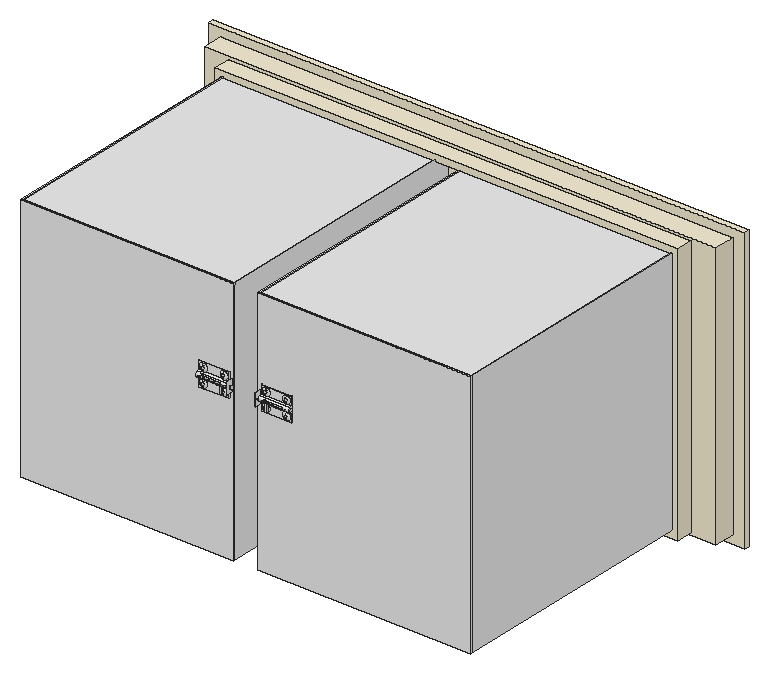
Revit family "4C-4_Door_High_Units_RL.rfa", category Specialty Equipment, host Wall, Revit 2016 (continued)
Definition of nested family "3700 Series 4C OM2 Configuration"
  Automatic sketch dimensions
    radius of Blend 8 sketch curve = 0.3125"
    radius of Blend 9 sketch curve = 0.15665"
    radius of Blend 9 sketch curve = 0.3125"
    radius of Blend 10 sketch curve = 0.15665"
    radius of Blend 10 sketch curve = 0.3125"
    radius of Blend 11 sketch curve = 0.15665"
    radius of Blend 11 sketch curve = 0.3125"
    radius of Extrusion 4 sketch curve = 0.42913"
    radius of Extrusion 3 sketch curve = 0.4375"
Definition of nested family "4C Latch Lock-Left"
  Parameters (values of type "Lock Latch")
    Width = 1.750"
    Type Comments = "Lock Latch for Aluminum Mailboxes"
    Visible Latch = yes
    Manufacturer = "Salsbury Industries"
    Height = 1.375"
    Depth = 0.244"
    Back Enclosure Material = none
  Reference planes (in)
    plane 1 "Center (Front/Back)": y = 0
    plane 2 "left": z = 0
    plane 3 "Center (Left/Right)": x = 0
    plane 4 "top": x = -0.875
    plane 5 "bottom": x = 0.875
    plane 6 "Front": y = 0.122
    plane 7 "Back": y = -0.122
    plane 8 "Vertical Center": z = 0.6875
    plane 9 "right": z = 1.375
    plane 10: x = 1
    plane 11: x = 1.125
  Forms (in)
    Extrusion 1, solid, material <- "Back Enclosure Material", visible <- "Visible Latch"
      sketch origin (-0.67187, 0, 0.67188) x (0, 0, -1) y (0, 1, 0)
        loop
          line (-0.22131, -0.0902) -> (-0.70312, -0.0902) -> (-0.70312, -0.12209) -> (-0.22129, -0.12209)
          arc (-0.22129, -0.12209) -> (-0.1389, -0.08579) -> (-0.11009, -0.00048) r 0.11165
          arc (-0.11009, -0.00048) -> (-0.01599, 0.09362) -> (0.07812, -0.00048) r 0.09411
          arc (0.07812, -0.00048) -> (0.10866, -0.08591) -> (0.19189, -0.122) r 0.11401
          line (0.19189, -0.122) -> (0.67187, -0.122) -> (0.67187, -0.08954) -> (0.19205, -0.08954)
          arc (0.19205, -0.08954) -> (0.13091, -0.06294) -> (0.10869, -0.00006) r 0.08357
          arc (0.10869, -0.00006) -> (-0.01625, 0.12487) -> (-0.14118, -0.00006) r 0.12494
          arc (-0.14118, -0.00006) -> (-0.16101, -0.06312) -> (-0.22131, -0.0902) r 0.08069
      from -0.20313 to 1.54687
    Extrusion 2, void
      sketch origin (-0.86719, 0.122, 0.78906) x (0, 0, -1) y (1, 0, 0)
        loop
          line (0.02064, 1.43976) -> (0.02064, 0.31562) -> (0.29045, 0.31562) -> (0.29045, 0.47278) -> (0.12796, 0.47278) -> (0.12796, 1.28526) -> (0.27447, 1.28526) -> (0.27447, 1.43976) -> (0.02064, 1.43976)
      from -0.01091 to 0.1442
    Blend 3, solid, material <- "Back Enclosure Material", visible <- "Visible Latch"
      base sketch origin (-0.95312, 0.122, 0.96875) x (0, 0, -1) y (1, 0, 0)
        loop
          circle (-0.1252, 1.55349) r 0.1
      top sketch origin (-0.95312, 0.122, 0.96875) x (0, 0, -1) y (1, 0, 0)
        loop
          circle (-0.1252, 1.55349) r 0.215
      from 0.16742 to 0.21154
    Blend 4, solid, material <- "Back Enclosure Material", visible <- "Visible Latch"
      base sketch origin (-0.95312, 0.122, -0.54015) x (0, 0, -1) y (1, 0, 0)
        loop
          circle (-0.8037, 1.55349) r 0.1
      top sketch origin (-0.95312, 0.122, -0.54015) x (0, 0, -1) y (1, 0, 0)
        loop
          circle (-0.8037, 1.55349) r 0.215
      from 0.16742 to 0.21154
    Blend 5, solid, material <- "Back Enclosure Material", visible <- "Visible Latch"
      base sketch origin (-1.95312, 0.122, 0.96875) x (0, 0, -1) y (1, 0, 0)
        loop
          circle (-0.1252, 1.36599) r 0.1
      top sketch origin (-1.95312, 0.122, 0.96875) x (0, 0, -1) y (1, 0, 0)
        loop
          circle (-0.1252, 1.36599) r 0.215
      from 0.16742 to 0.21154
    Blend 6, solid, material <- "Back Enclosure Material", visible <- "Visible Latch"
      base sketch origin (-1.95312, 0.122, -0.55578) x (0, 0, -1) y (1, 0, 0)
        loop
          circle (-0.8037, 1.36599) r 0.1
      top sketch origin (-1.95312, 0.122, -0.55578) x (0, 0, -1) y (1, 0, 0)
        loop
          circle (-0.8037, 1.36599) r 0.215
      from 0.16742 to 0.21154
    Extrusion 7, solid, material <- "Back Enclosure Material", visible <- "Visible Latch"
      sketch origin (-1.22585, -7.77812, 0.87452) x (0, 0, -1) y (0, 1, 0)
        loop
          circle (0.18702, 7.77784) r 0.09014
      from 0.35085 to 2.35085
    Extrusion 8, solid, material <- "Back Enclosure Material", visible <- "Visible Latch"
      sketch origin (0.37291, -7.78798, 0.67188) x (1, 0, 0) y (0, 1, 0)
        loop
          circle (0.12087, 7.81979) r 0.05
      from 0.01562 to -0.5
    Extrusion 9, solid, material <- "Back Enclosure Material", visible <- "Visible Latch"
      sketch origin (0.87525, -0.02845, 1.02999) x (0, 0, -1) y (1, 0, 0)
        loop
          line (0.68574, 0.09375) -> (0.68574, 0.12475) -> (-0.00176, 0.12475) -> (-0.00176, 0.09375) -> (0.68574, 0.09375)
      from -0.25 to 0.09355
    Extrusion 10, void
      sketch origin (1, -7.77845, 0.87437) x (0, 0, -1) y (0, -1, 0)
        loop
          circle (0.18637, -7.77776) r 0.09325
      from 0 to 0.031
  Cuts and joins
    Extrusion 2 cuts Extrusion 1
    Extrusion 10 cuts Extrusion 9
  Dimensions and locks (in)
    equal spacing: plane 7 "Back", plane 1 "Center (Front/Back)", plane 6 "Front"
    "Depth": plane 7 "Back" to plane 6 "Front"
    equal spacing: plane 4 "top", plane 3 "Center (Left/Right)", plane 5 "bottom"
    "Width": plane 4 "top" to plane 5 "bottom"
    equal spacing: plane 9 "right", plane 8 "Vertical Center", plane 2 "left"
    "Height": plane 9 "right" to plane 2 "left"
    plane 4 "top" to plane 10 = 1.875"
    plane 5 "bottom" to plane 11 = 0.250"
    plane 11 to plane 10 = 0.125"
    aligned and locked: level to plane 2 "left"
  Automatic sketch dimensions
    Extrusion 1 sketch curve to plane 7 "Back" = 0.000"
    Extrusion 1 sketch curve to plane 7 "Back" = 0.0318"
    plane 9 "right" to Extrusion 1 sketch curve = 0.000"
    Extrusion 1 sketch curve to plane 8 "Vertical Center" = 0.20569"
    plane 7 "Back" to Extrusion 1 sketch curve = 0.00009"
    Extrusion 1 sketch curve to plane 8 "Vertical Center" = 0.20567"
    plane 1 "Center (Front/Back)" to Extrusion 1 sketch curve = 0.00006"
    Extrusion 1 sketch curve to plane 8 "Vertical Center" = 0.00062"
    Extrusion 1 sketch curve to Extrusion 1 sketch curve = 0.00026"
    Extrusion 1 sketch curve to Extrusion 1 sketch curve = 0.20788"
    Extrusion 1 sketch curve to Extrusion 1 sketch curve = 0.00016"
    Extrusion 1 sketch curve to level = 0.000"
    Extrusion 1 sketch curve to plane 7 "Back" = 0.03246"
    plane 1 "Center (Front/Back)" to Extrusion 1 sketch curve = 0.01045"
    Extrusion 1 sketch curve to Extrusion 1 sketch curve = 0.00094"
    Extrusion 1 sketch curve to Extrusion 1 sketch curve = 0.00201"
    Extrusion 2 sketch curve to plane 8 "Vertical Center" = 0.08092"
    plane 5 "bottom" to Extrusion 2 sketch curve = 0.45693"
    plane 8 "Vertical Center" to Extrusion 2 sketch curve = 0.0264"
    Extrusion 2 sketch curve to Extrusion 2 sketch curve = 0.16249"
    Extrusion 2 sketch curve to Extrusion 2 sketch curve = 0.14651"
    Extrusion 2 sketch curve to plane 3 "Center (Left/Right)" = 0.3944"
    Extrusion 2 sketch curve to plane 4 "top" = 0.32343"
    plane 5 "bottom" to Extrusion 2 sketch curve = 0.30243"
    plane 5 "bottom" to Blend 3 sketch curve = 0.27463"  (x2)
    Blend 3 sketch curve to plane 8 "Vertical Center" = 0.40645"  (x2)
    plane 5 "bottom" to Blend 4 sketch curve = 0.27463"  (x2)
    level to Blend 4 sketch curve = 0.26355"  (x2)
    Blend 5 sketch curve to plane 8 "Vertical Center" = 0.40645"  (x2)
    Blend 5 sketch curve to plane 3 "Center (Left/Right)" = 0.58713"  (x2)
    level to Blend 6 sketch curve = 0.24792"  (x2)
    Blend 6 sketch curve to plane 3 "Center (Left/Right)" = 0.58713"  (x2)
    plane 1 "Center (Front/Back)" to Extrusion 7 sketch curve = 0.00028"
    plane 8 "Vertical Center" to Extrusion 7 sketch curve = 0.000"
    Extrusion 8 sketch curve to plane 1 "Center (Front/Back)" = 0.03181"
    Extrusion 8 sketch curve to plane 4 "top" = 1.36878"
    Extrusion 9 sketch curve to plane 8 "Vertical Center" = 0.34425"
    level to Extrusion 9 sketch curve = 0.34425"
    Extrusion 9 sketch curve to plane 4 "top" = 1.844"
    Extrusion 9 sketch curve to Extrusion 9 sketch curve = 0.031"
    plane 1 "Center (Front/Back)" to Extrusion 10 sketch curve = 0.0007"
    Extrusion 10 sketch curve to plane 8 "Vertical Center" = 0.0005"
    radius of Blend 3 sketch curve = 0.100"
    radius of Blend 3 sketch curve = 0.215"
    radius of Blend 4 sketch curve = 0.100"
    radius of Blend 4 sketch curve = 0.215"
    radius of Blend 5 sketch curve = 0.100"
    radius of Blend 5 sketch curve = 0.215"
    radius of Blend 6 sketch curve = 0.100"
    radius of Blend 6 sketch curve = 0.215"
    radius of Extrusion 7 sketch curve = 0.09014"
    radius of Extrusion 8 sketch curve = 0.050"
    radius of Extrusion 10 sketch curve = 0.09325"
Definition of nested family "4C Latch Lock-Right"
  Parameters (values of type "Lock Latch")
    Width = 1.750"
    Type Comments = "Lock Latch for Aluminum Mailboxes"
    Visible Latch = yes
    Manufacturer = "Salsbury Industries"
    Height = 1.375"
    Depth = 0.244"
    Back Enclosure Material = none
  Reference planes (in)
    plane 1 "Center (Front/Back)": y = 0
    plane 2 "left": z = 0
    plane 3 "Center (Left/Right)": x = 0
    plane 4 "top": x = -0.875
    plane 5 "bottom": x = 0.875
    plane 6 "Front": y = 0.122
    plane 7 "Back": y = -0.122
    plane 8 "Vertical Center": z = 0.6875
    plane 9 "right": z = 1.375
    plane 10: x = -1
    plane 11: x = -1.125
  Forms (in)
    Extrusion 1, solid, material <- "Back Enclosure Material", visible <- "Visible Latch"
      sketch origin (-0.67187, 0, 0.67188) x (0, 0, -1) y (0, 1, 0)
        loop
          line (-0.22131, -0.0902) -> (-0.70312, -0.0902) -> (-0.70312, -0.12209) -> (-0.22129, -0.12209)
          arc (-0.22129, -0.12209) -> (-0.1389, -0.08579) -> (-0.11009, -0.00048) r 0.11165
          arc (-0.11009, -0.00048) -> (-0.01599, 0.09362) -> (0.07812, -0.00048) r 0.09411
          arc (0.07812, -0.00048) -> (0.10866, -0.08591) -> (0.19189, -0.122) r 0.11401
          line (0.19189, -0.122) -> (0.67187, -0.122) -> (0.67187, -0.08954) -> (0.19205, -0.08954)
          arc (0.19205, -0.08954) -> (0.13091, -0.06294) -> (0.10869, -0.00006) r 0.08357
          arc (0.10869, -0.00006) -> (-0.01625, 0.12487) -> (-0.14118, -0.00006) r 0.12494
          arc (-0.14118, -0.00006) -> (-0.16101, -0.06312) -> (-0.22131, -0.0902) r 0.08069
      from -0.20313 to 1.54687
    Extrusion 2, void
      sketch origin (-0.86719, 0.122, 0.78906) x (0, 0, -1) y (1, 0, 0)
        loop
          line (0.02064, 1.43976) -> (0.02064, 0.31562) -> (0.29045, 0.31562) -> (0.29045, 0.47278) -> (0.12796, 0.47278) -> (0.12796, 1.28526) -> (0.27447, 1.28526) -> (0.27447, 1.43976) -> (0.02064, 1.43976)
      from -0.01091 to 0.1442
    Blend 3, solid, material <- "Back Enclosure Material", visible <- "Visible Latch"
      base sketch origin (-0.95312, 0.122, 0.96875) x (0, 0, -1) y (1, 0, 0)
        loop
          circle (-0.1252, 1.55349) r 0.1
      top sketch origin (-0.95312, 0.122, 0.96875) x (0, 0, -1) y (1, 0, 0)
        loop
          circle (-0.1252, 1.55349) r 0.215
      from 0.16742 to 0.21154
    Blend 4, solid, material <- "Back Enclosure Material", visible <- "Visible Latch"
      base sketch origin (-0.95312, 0.122, -0.54015) x (0, 0, -1) y (1, 0, 0)
        loop
          circle (-0.8037, 1.55349) r 0.1
      top sketch origin (-0.95312, 0.122, -0.54015) x (0, 0, -1) y (1, 0, 0)
        loop
          circle (-0.8037, 1.55349) r 0.215
      from 0.16742 to 0.21154
    Blend 5, solid, material <- "Back Enclosure Material", visible <- "Visible Latch"
      base sketch origin (-1.95312, 0.122, 0.96875) x (0, 0, -1) y (1, 0, 0)
        loop
          circle (-0.1252, 1.36599) r 0.1
      top sketch origin (-1.95312, 0.122, 0.96875) x (0, 0, -1) y (1, 0, 0)
        loop
          circle (-0.1252, 1.36599) r 0.215
      from 0.16742 to 0.21154
    Blend 6, solid, material <- "Back Enclosure Material", visible <- "Visible Latch"
      base sketch origin (-1.95312, 0.122, -0.55578) x (0, 0, -1) y (1, 0, 0)
        loop
          circle (-0.8037, 1.36599) r 0.1
      top sketch origin (-1.95312, 0.122, -0.55578) x (0, 0, -1) y (1, 0, 0)
        loop
          circle (-0.8037, 1.36599) r 0.215
      from 0.16742 to 0.21154
    Extrusion 7, solid, material <- "Back Enclosure Material", visible <- "Visible Latch"
      sketch origin (-1.22585, -7.77812, 0.87452) x (0, 0, -1) y (0, 1, 0)
        loop
          circle (0.18702, 7.77784) r 0.09014
      from 0.10085 to 2.10085
    Extrusion 8, solid, material <- "Back Enclosure Material", visible <- "Visible Latch"
      sketch origin (-0.59584, -7.78798, 0.67188) x (1, 0, 0) y (0, 1, 0)
        loop
          circle (0.12087, 7.81979) r 0.05
      from 0.01562 to -0.5
    Extrusion 9, solid, material <- "Back Enclosure Material", visible <- "Visible Latch"
      sketch origin (-1.09375, -0.02845, 1.02999) x (0, 0, -1) y (1, 0, 0)
        loop
          line (0.68574, 0.09375) -> (0.68574, 0.12475) -> (-0.00176, 0.12475) -> (-0.00176, 0.09375) -> (0.68574, 0.09375)
      from -0.25 to 0.09355
    Extrusion 10, void
      sketch origin (-0.969, -7.77845, 0.87437) x (0, 0, -1) y (0, -1, 0)
        loop
          circle (0.18637, -7.77776) r 0.09325
      from 0 to 0.031
  Cuts and joins
    Extrusion 2 cuts Extrusion 1
    Extrusion 10 cuts Extrusion 9
  Dimensions and locks (in)
    equal spacing: plane 7 "Back", plane 1 "Center (Front/Back)", plane 6 "Front"
    "Depth": plane 7 "Back" to plane 6 "Front"
    equal spacing: plane 4 "top", plane 3 "Center (Left/Right)", plane 5 "bottom"
    "Width": plane 4 "top" to plane 5 "bottom"
    equal spacing: plane 9 "right", plane 8 "Vertical Center", plane 2 "left"
    "Height": plane 9 "right" to plane 2 "left"
    plane 10 to plane 4 "top" = 0.125"
    plane 11 to plane 4 "top" = 0.250"
    plane 10 to plane 11 = 0.125"
    aligned and locked: level to plane 2 "left"
  Automatic sketch dimensions
    Extrusion 1 sketch curve to plane 7 "Back" = 0.000"
    Extrusion 1 sketch curve to plane 7 "Back" = 0.0318"
    plane 9 "right" to Extrusion 1 sketch curve = 0.000"
    Extrusion 1 sketch curve to plane 8 "Vertical Center" = 0.20569"
    plane 7 "Back" to Extrusion 1 sketch curve = 0.00009"
    Extrusion 1 sketch curve to plane 8 "Vertical Center" = 0.20567"
    plane 1 "Center (Front/Back)" to Extrusion 1 sketch curve = 0.00006"
    Extrusion 1 sketch curve to plane 8 "Vertical Center" = 0.00062"
    Extrusion 1 sketch curve to Extrusion 1 sketch curve = 0.00026"
    Extrusion 1 sketch curve to Extrusion 1 sketch curve = 0.20788"
    Extrusion 1 sketch curve to Extrusion 1 sketch curve = 0.00016"
    Extrusion 1 sketch curve to level = 0.000"
    Extrusion 1 sketch curve to plane 7 "Back" = 0.03246"
    plane 1 "Center (Front/Back)" to Extrusion 1 sketch curve = 0.01045"
    Extrusion 1 sketch curve to Extrusion 1 sketch curve = 0.00094"
    Extrusion 1 sketch curve to Extrusion 1 sketch curve = 0.00201"
    Extrusion 2 sketch curve to plane 8 "Vertical Center" = 0.08092"
    plane 5 "bottom" to Extrusion 2 sketch curve = 0.45693"
    plane 8 "Vertical Center" to Extrusion 2 sketch curve = 0.0264"
    Extrusion 2 sketch curve to Extrusion 2 sketch curve = 0.16249"
    Extrusion 2 sketch curve to Extrusion 2 sketch curve = 0.14651"
    Extrusion 2 sketch curve to plane 3 "Center (Left/Right)" = 0.3944"
    Extrusion 2 sketch curve to plane 4 "top" = 0.32343"
    plane 5 "bottom" to Extrusion 2 sketch curve = 0.30243"
    plane 5 "bottom" to Blend 3 sketch curve = 0.27463"  (x2)
    Blend 3 sketch curve to plane 8 "Vertical Center" = 0.40645"  (x2)
    plane 5 "bottom" to Blend 4 sketch curve = 0.27463"  (x2)
    level to Blend 4 sketch curve = 0.26355"  (x2)
    Blend 5 sketch curve to plane 8 "Vertical Center" = 0.40645"  (x2)
    Blend 5 sketch curve to plane 3 "Center (Left/Right)" = 0.58713"  (x2)
    level to Blend 6 sketch curve = 0.24792"  (x2)
    Blend 6 sketch curve to plane 3 "Center (Left/Right)" = 0.58713"  (x2)
    plane 1 "Center (Front/Back)" to Extrusion 7 sketch curve = 0.00028"
    plane 8 "Vertical Center" to Extrusion 7 sketch curve = 0.000"
    Extrusion 8 sketch curve to plane 1 "Center (Front/Back)" = 0.03181"
    Extrusion 8 sketch curve to plane 4 "top" = 0.40003"
    Extrusion 9 sketch curve to plane 8 "Vertical Center" = 0.34425"
    level to Extrusion 9 sketch curve = 0.34425"
    plane 4 "top" to Extrusion 9 sketch curve = 0.125"
    Extrusion 9 sketch curve to Extrusion 9 sketch curve = 0.031"
    plane 1 "Center (Front/Back)" to Extrusion 10 sketch curve = 0.0007"
    Extrusion 10 sketch curve to plane 8 "Vertical Center" = 0.0005"
    radius of Blend 3 sketch curve = 0.100"
    radius of Blend 3 sketch curve = 0.215"
    radius of Blend 4 sketch curve = 0.100"
    radius of Blend 4 sketch curve = 0.215"
    radius of Blend 5 sketch curve = 0.100"
    radius of Blend 5 sketch curve = 0.215"
    radius of Blend 6 sketch curve = 0.100"
    radius of Blend 6 sketch curve = 0.215"
    radius of Extrusion 7 sketch curve = 0.09014"
    radius of Extrusion 8 sketch curve = 0.050"
    radius of Extrusion 10 sketch curve = 0.09325"
Types (5): name | Width | Vertical Center Divider | Right Inside Wall | Model | Left Inside Wall | Latch Lock - Left Side | Latch Alignment | Door Slot R4 Number | Door Slot R4 | Door Slot R3 | Door Slot R2 | Door Slot R1 Number | Door Slot R1 | Door Slot L4 Number | Door Slot L4 | Door Slot L3 Number | Door Slot L3 | Door Slot L2 Number | Door Slot L2 | Door Slot L1 Number | Door Slot L1 | Description | Center Extrusion Offset
  3704D-06 RL | 31.09766" | yes | yes | "3704D-06 RL" | yes | yes | 14.85742" | "6" | 3700 Series 4C Door Configurations : MB1 Door w/ Divider | 3700 Series 4C OM2 Configuration : OM2-RL | 3700 Series 4C Door Configurations : Empty | "5" | 3700 Series 4C Door Configurations : MB1 Door | "4" | 3700 Series 4C Door Configurations : MB1 Door w/ Divider | "3" | 3700 Series 4C Door Configurations : MB1 Door w/ Divider | "2" | 3700 Series 4C Door Configurations : MB1 Door w/ Divider | "1" | 3700 Series 4C Door Configurations : MB1 Door | "4 Door High Unit: 6 MB1, OM2" | 0.000"
  3704D-2P RL | 31.09766" | yes | yes | "3704D-2P RL" | yes | yes | 14.85742" | "2P" | 3700 Series 4C Parcel Configurations : PL4 | 3700 Series 4C Door Configurations : Empty | 3700 Series 4C Door Configurations : Empty | "0" | 3700 Series 4C Door Configurations : Empty | "1P" | 3700 Series 4C Parcel Configurations : PL4 | "0" | 3700 Series 4C Door Configurations : Empty | "0" | 3700 Series 4C Door Configurations : Empty | "0" | 3700 Series 4C Door Configurations : Empty | "4 Door High Unit: 2 PL4" | 0.000"
  3704S-01 RL | 16.34375" | no | no | "3704S-01 RL" | no | no | 13.876" | "1" | 3700 Series 4C Door Configurations : MB2 Door w/ Divider | 3700 Series 4C Door Configurations : Empty | 3700 Series 4C OM2 Configuration : OM2-RL | "0" | 3700 Series 4C Door Configurations : Empty | "0" | 3700 Series 4C Door Configurations : Empty | "0" | 3700 Series 4C Door Configurations : Empty | "0" | 3700 Series 4C Door Configurations : Empty | "0" | 3700 Series 4C Door Configurations : Empty | "4 Door High Unit: 1 MB2, OM2" | 48.000"
  3704S-02 RL | 16.34375" | no | no | "3704S-02 RL" | no | no | 13.876" | "2" | 3700 Series 4C Door Configurations : MB1 Door w/ Divider | 3700 Series 4C OM2 Configuration : OM2-RL | 3700 Series 4C Door Configurations : Empty | "1" | 3700 Series 4C Door Configurations : MB1 Door | "0" | 3700 Series 4C Door Configurations : Empty | "0" | 3700 Series 4C Door Configurations : Empty | "0" | 3700 Series 4C Door Configurations : Empty | "0" | 3700 Series 4C Door Configurations : Empty | "4 Door High Unit: 2 MB1, OM2" | 48.000"
  3704S-1P RL | 16.34375" | no | no | "3704S-1P RL" | no | no | 13.876" | "1P" | 3700 Series 4C Parcel Configurations : PL4 | 3700 Series 4C Door Configurations : Empty | 3700 Series 4C Door Configurations : Empty | "0" | 3700 Series 4C Door Configurations : Empty | "0" | 3700 Series 4C Door Configurations : Empty | "0" | 3700 Series 4C Door Configurations : Empty | "0" | 3700 Series 4C Door Configurations : Empty | "0" | 3700 Series 4C Door Configurations : Empty | "4 Door High Unit: 1 PL4" | 48.000"
